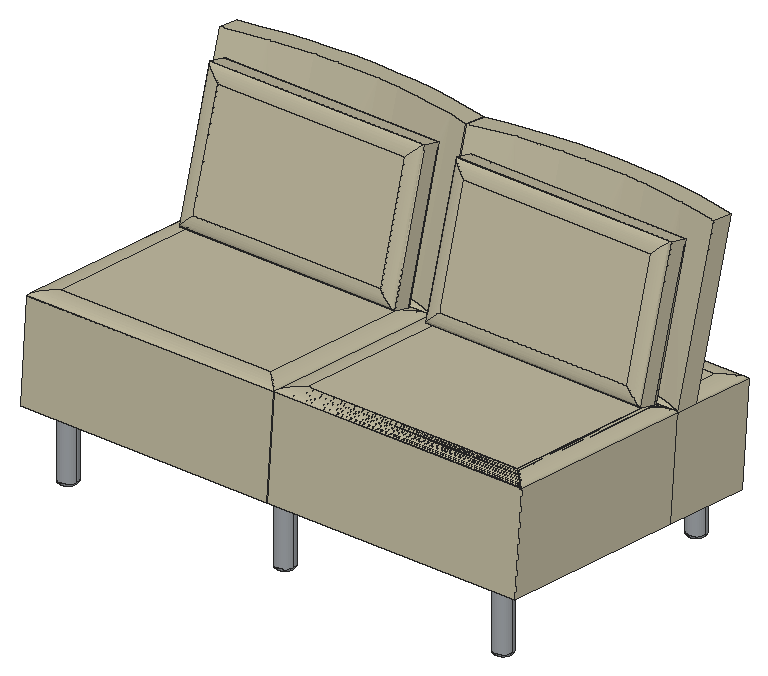
Revit family
Parameters
  URL = "http://www.martinbrattrud.com"
  SCS Certified Product = "Yes"
  Model = "Stonehenge 915-54"
  Manufacturer = "Martin Brattrud, Inc."
  Leg [instance] = none
  Keynote = "125000"
  Copyright = "© 2013 Martin Brattrud, Inc."
  Chair [instance] = none
  Back Cushion [instance] = none
  Authoring Version = "Revit Architecture 2010"
  Assembly Code = "E2020200"
Reference planes (in)
  plane 1 "Center Front/Back": y = 0
  plane 2: z = 0
  plane 3: x = 13.47209
Forms (in)
  Extrusion 1, solid, material <- "Chair"
    sketch origin (0, 0.52946, 5.84845) x (0, -0.995927, 0.090161) y (-1, 0, 0)
      loop
        line (-14.83695, -13.47209) -> (-5.2106, -13.47209) -> (-5.2106, 13.47209) -> (-14.83695, 13.47209) -> (-14.83695, -13.47209)
    from -10.4513 to -0.00014
  Extrusion 2, solid, material <- "Chair"
    sketch origin (0, 10.90822, 4.90887) x (0, 0.995927, -0.090161) y (1, 0, 0)
      loop
        line (-26.7106, 13.47209) -> (-26.7106, -13.47209) -> (-5.2106, -13.47209) -> (-5.2106, 13.47209) -> (-26.7106, 13.47209)
    from -10.4513 to 0.00024
  Sweep 3, solid, material <- "Chair"
    path in 3D
      loop
        line (13.47209, -14.7513, 17.72585) -> (13.47209, 6.66113, 15.7874) -> (-13.47209, 6.66113, 15.7874) -> (-13.47209, -14.7513, 17.72585) -> (13.47209, -14.7513, 17.72585)
    profile origin (0, -14.7513, 17.72585) x (0, 0.995927, -0.090161) y (0, 0.090161, 0.995927)
      loop
        line (2.03125, 0) -> (2.03125, 0.52839)
        spline (2.03125, 0.52839) -> (1.7702, 0.52387) -> (1.51361, 0.51039) -> (1.26588, 0.48817) -> (1.03125, 0.4576) -> (0.81373, 0.4192) -> (0.61704, 0.37363) -> (0.44454, 0.32166) -> (0.2992, 0.2642) -> (0.18349, 0.20221) -> (0.0994, 0.13676) -> (0.04836, 0.06897) -> (0.03125, 0)
        line (0.03125, 0) -> (2.03125, 0)
  Extrusion 4, solid, material <- "Chair"
    sketch origin (0, 0, 0) x (0, 1, 0) y (0, 0, 1)
      loop
        line (4.68579, 16.49677) -> (-12.68069, 18.06895) -> (-12.72833, 17.54271) -> (4.63815, 15.97053) -> (4.68579, 16.49677)
    from -11.44084 to 11.44084
  Sweep 5, solid, material <- "Chair"
    path in 3D
      loop
        line (-13.47209, 16.24828, 14.91948) -> (-13.47209, 6.66113, 15.7874) -> (13.47209, 6.66113, 15.7874) -> (13.47209, 16.24828, 14.91948) -> (-13.47209, 16.24828, 14.91948)
    profile origin (0, 16.24828, 14.91948) x (0, -0.995927, 0.090161) y (0, 0.090161, 0.995927)
      loop
        line (2.03125, 0) -> (2.03125, 0.45358)
        spline (2.03125, 0.45358) -> (1.7702, 0.4497) -> (1.51361, 0.43812) -> (1.26588, 0.41905) -> (1.03125, 0.39281) -> (0.81373, 0.35985) -> (0.61704, 0.32073) -> (0.44454, 0.27612) -> (0.2992, 0.22679) -> (0.18349, 0.17358) -> (0.0994, 0.11739) -> (0.04836, 0.0592) -> (0.03125, 0)
        line (0.03125, 0) -> (2.03125, 0)
  Extrusion 6, solid, material <- "Chair"
    sketch origin (0, 0, 0) x (0, 1, 0) y (0, 0, 1)
      loop
        line (9.98768, 30.76355) -> (8.06607, 31.31925) -> (3.89659, 16.90046) -> (5.81732, 16.34476) -> (9.98768, 30.76355)
    from -11.75 to 11.75
  Sweep 7, solid, material <- "Chair"
    path in 3D
      loop
        line (-11.75, 8.06607, 31.31925) -> (-11.75, 3.89659, 16.90046) -> (11.75, 3.89659, 16.90046) -> (11.75, 8.06607, 31.31925) -> (-11.75, 8.06607, 31.31925)
    profile origin (0, 8.06607, 31.31925) x (0, -0.277789, -0.960642) y (0, -0.960642, 0.277789)
      loop
        line (0.03125, 0) -> (1.53125, 0) -> (1.53125, 0.46962)
        spline (1.53125, 0.46962) -> (1.33546, 0.4656) -> (1.14302, 0.45362) -> (0.95722, 0.43387) -> (0.78125, 0.4067) -> (0.61811, 0.37258) -> (0.47059, 0.33207) -> (0.34122, 0.28589) -> (0.23221, 0.23481) -> (0.14543, 0.17972) -> (0.08236, 0.12155) -> (0.04408, 0.0613) -> (0.03125, 0)
  Extrusion 8, solid, material <- "Chair"
    sketch origin (0, 0, 0) x (0, 1, 0) y (0, 0, 1)
      loop
        line (7.64071, 29.84827) -> (7.18957, 29.97873) -> (3.87082, 18.5019) -> (4.32195, 18.37145) -> (7.64071, 29.84827)
    from -10.21875 to 10.21875
  Extrusion 9, solid, material <- "Back Cushion"
    sketch origin (0, 9.59309, 33.0573) x (0, -0.960379, 0.278698) y (-1, 0, 0)
      loop
        line (-4.43095, -13.47209) -> (-2.03001, -13.47209)
        spline (-2.03001, -13.47209) -> (-2.63308, -11.28001) -> (-3.12847, -9.05886) -> (-3.51491, -6.8144) -> (-3.79139, -4.55239) -> (-3.9572, -2.27868) -> (-4.01191, 0.00086) -> (-3.95539, 2.28035) -> (-3.78777, 4.55391) -> (-3.50949, 6.81568) -> (-3.12128, 9.05981) -> (-2.62412, 11.28053) -> (-2.01931, 13.47209)
        line (-2.01931, 13.47209) -> (-4.42025, 13.47209)
        spline (-4.42025, 13.47209) -> (-5.02507, 11.28053) -> (-5.52222, 9.05981) -> (-5.91044, 6.81568) -> (-6.18872, 4.55391) -> (-6.35633, 2.28035) -> (-6.41286, 0.00086) -> (-6.35814, -2.27868) -> (-6.19233, -4.55239) -> (-5.91585, -6.8144) -> (-5.52942, -9.05886) -> (-5.03403, -11.28001) -> (-4.43095, -13.47209)
    from -2.42207 to 17.57683
  Extrusion 10, void
    sketch origin (0, 0, 0) x (0, 1, 0) y (0, 0, 1)
      loop
        line (16.47346, 31.64061) -> (16.894, 34.06774) -> (11.72108, 34.96404) -> (11.30054, 32.5369) -> (16.47346, 31.64061)
      loop
        line (6.40792, 15.81305) -> (6.22512, 13.81373) -> (12.28534, 13.25965) -> (12.46814, 15.25896) -> (6.40792, 15.81305)
    from -15.22442 to 43.30902
  Extrusion 11, solid, material <- "Leg"
    sketch origin (0, 0, 0) x (1, 0, 0) y (0, 1, 0)
      loop
        circle (-10.25, -13.20254) r 1
      loop
        circle (37.30583, -13.20254) r 1
      loop
        circle (13.47209, -13.20254) r 1
    from 0.25 to 7.25
  Revolve 12, solid, material <- "Leg"
    sketch origin (-10.25, 0, 0) x (0, 1, 0) y (0, 0, 1)
      loop
        line (-12.20254, 0.25) -> (-13.20254, 0.25) -> (-13.20254, 0) -> (-12.45254, 0)
        arc (-12.45254, 0) -> (-12.27577, 0.07322) -> (-12.20254, 0.25) r 0.25
      axis (-13.20254, 0) -> (-13.20254, 0.25)
    angle from 0 to 360
  Revolve 13, solid, material <- "Leg"
    sketch origin (-10.25, 0, 0) x (0, -1, 0) y (0, 0, -1)
      loop
        arc (-12.20254, -0.25) -> (-12.27577, -0.07322) -> (-12.45254, 0) r 0.25
        line (-12.45254, 0) -> (-13.20254, 0) -> (-13.20254, -0.25) -> (-12.20254, -0.25)
      axis (-13.20254, 0) -> (-13.20254, -0.25)
    angle from 0 to 360
  Extrusion 14, solid, material <- "Leg"
    sketch origin (0, 0, 0) x (1, 0, 0) y (0, 1, 0)
      loop
        circle (-10.25, 13.20254) r 1
      loop
        circle (37.30583, 13.20254) r 1
      loop
        circle (13.47209, 13.20254) r 1
    from 0.25 to 4.90693
  Sweep 15, solid, material <- "Chair"
    path in 3D
      loop
        line (11.44084, 8.725, 16.05599) -> (11.44084, 8.68411, 15.60426)
    profile origin (11.44084, 8.70456, 15.83012) x (0, -0.995927, 0.090161) y (-1, 0, 0)
      loop
        line (0, 22.88167) -> (-5.56385, 22.88167) -> (-5.56385, 0) -> (0, 0) -> (0, 22.88167)
  Sweep 16, solid, material <- "Chair"
    path in 3D
      loop
        line (-10.21875, 7.18957, 29.97873) -> (-10.21875, 7.64071, 29.84827)
    profile origin (-10.21875, 7.41514, 29.9135) x (0, -0.277789, -0.960642) y (-1, 0, 0)
      loop
        line (0, 0) -> (0, -20.4375) -> (11.94703, -20.4375) -> (11.94703, 0) -> (0, 0)
  Sweep 17, solid, material <- "Chair"
    path in 3D
      loop
        line (-11.75, 9.98768, 30.76355) -> (-11.75, 5.81771, 16.3449) -> (11.75, 5.81771, 16.3449) -> (11.75, 9.98768, 30.76355) -> (-11.75, 9.98768, 30.76355)
    profile origin (0, 9.98768, 30.76355) x (0, 0.277821, 0.960633) y (0, 0.960633, -0.277821)
      loop
        spline (-0.03125, 0) -> (-0.04408, 0.0613) -> (-0.08236, 0.12155) -> (-0.14543, 0.17972) -> (-0.23221, 0.23481) -> (-0.34122, 0.28589) -> (-0.47059, 0.33207) -> (-0.61811, 0.37258) -> (-0.78125, 0.4067) -> (-0.95722, 0.43387) -> (-1.14302, 0.45362) -> (-1.33546, 0.4656) -> (-1.53125, 0.46962)
        line (-1.53125, 0.46962) -> (-1.53125, 0) -> (-0.03125, 0)
  Extrusion 18, solid, material <- "Chair"
    sketch origin (0, 0.0924, -0.02672) x (0, -0.845649, 0.53374) y (0, -0.53374, -0.845649)
      loop
        line (7.64071, -29.84827) -> (4.32195, -18.37145) -> (3.87082, -18.5019) -> (7.18957, -29.97873) -> (7.64071, -29.84827)
    from -10.21875 to 10.21875
  Sweep 19, solid, material <- "Chair"
    path in 3D
      loop
        line (-10.21875, 9.56227, 29.29258) -> (-10.21875, 10.0134, 29.16211)
    profile origin (-10.21875, 9.78783, 29.22734) x (0, -0.277821, -0.960633) y (-1, 0, 0)
      loop
        line (0, 0) -> (0, -20.4375) -> (11.94703, -20.4375) -> (11.94703, 0) -> (0, 0)
  Extrusion 20, solid, material <- "Back Cushion"
    sketch origin (26.94417, 9.59309, 33.0573) x (0, -0.960379, 0.278698) y (-1, 0, 0)
      loop
        line (-4.39712, -13.58374) -> (-1.99617, -13.58374)
        spline (-1.99617, -13.58374) -> (-2.6071, -11.38386) -> (-3.1095, -9.15441) -> (-3.50206, -6.90118) -> (-3.78375, -4.63004) -> (-3.95384, -2.34689) -> (-4.0119, -0.05768) -> (-3.95776, 2.23163) -> (-3.79157, 4.51509) -> (-3.51376, 6.78675) -> (-3.12506, 9.0407) -> (-2.62648, 11.27108) -> (-2.01931, 13.47209)
        line (-2.01931, 13.47209) -> (-4.42025, 13.47209)
        spline (-4.42025, 13.47209) -> (-5.02742, 11.27108) -> (-5.52601, 9.0407) -> (-5.91471, 6.78675) -> (-6.19252, 4.51509) -> (-6.35871, 2.23163) -> (-6.41284, -0.05768) -> (-6.35479, -2.34689) -> (-6.1847, -4.63004) -> (-5.90301, -6.90118) -> (-5.51045, -9.15441) -> (-5.00805, -11.38386) -> (-4.39712, -13.58374)
    from -2.42207 to 17.57683
  Extrusion 21, solid, material <- "Chair"
    sketch origin (26.94417, 10.90822, 4.90887) x (0, 0.995927, -0.090161) y (1, 0, 0)
      loop
        line (-26.7106, 13.58374) -> (-26.7106, -13.47209) -> (-5.2106, -13.47209) -> (-5.2106, 13.58374) -> (-26.7106, 13.58374)
    from -10.4513 to 0.00024
  Extrusion 22, solid, material <- "Chair"
    sketch origin (26.94417, 0.52946, 5.84845) x (0, -0.995927, 0.090161) y (-1, 0, 0)
      loop
        line (-14.83695, -13.58374) -> (-5.2106, -13.58374) -> (-5.2106, 13.47209) -> (-14.83695, 13.47209) -> (-14.83695, -13.58374)
    from -10.4513 to -0.00014
  Sweep 23, solid, material <- "Chair"
    path in 3D
      loop
        line (40.52791, -14.7513, 17.72585) -> (40.52791, 6.66113, 15.7874) -> (13.47209, 6.66113, 15.7874) -> (13.47209, -14.7513, 17.72585) -> (40.52791, -14.7513, 17.72585)
    profile origin (27, -14.7513, 17.72585) x (0, 0.995927, -0.090161) y (0, 0.090161, 0.995927)
      loop
        line (2.03125, 0) -> (2.03125, 0.52839)
        spline (2.03125, 0.52839) -> (1.7702, 0.52387) -> (1.51361, 0.51039) -> (1.26588, 0.48817) -> (1.03125, 0.4576) -> (0.81373, 0.4192) -> (0.61704, 0.37363) -> (0.44454, 0.32166) -> (0.2992, 0.2642) -> (0.18349, 0.20221) -> (0.0994, 0.13676) -> (0.04836, 0.06897) -> (0.03125, 0)
        line (0.03125, 0) -> (2.03125, 0)
  Extrusion 24, solid, material <- "Chair"
    sketch origin (26.94417, 0, 0) x (0, 1, 0) y (0, 0, 1)
      loop
        line (4.68579, 16.49677) -> (-12.68069, 18.06895) -> (-12.72833, 17.54271) -> (4.63815, 15.97053) -> (4.68579, 16.49677)
    from -11.44084 to 11.55249
  Sweep 25, solid, material <- "Chair"
    path in 3D
      loop
        line (13.47209, 16.24828, 14.91948) -> (13.47209, 6.66113, 15.7874) -> (40.52807, 6.66113, 15.7874) -> (40.52807, 16.24828, 14.91948) -> (13.47209, 16.24828, 14.91948)
    profile origin (27.00008, 16.24828, 14.91948) x (0, -0.995927, 0.090161) y (0, 0.090161, 0.995927)
      loop
        line (2.03125, 0) -> (2.03125, 0.45358)
        spline (2.03125, 0.45358) -> (1.7702, 0.4497) -> (1.51361, 0.43812) -> (1.26588, 0.41905) -> (1.03125, 0.39281) -> (0.81373, 0.35985) -> (0.61704, 0.32073) -> (0.44454, 0.27612) -> (0.2992, 0.22679) -> (0.18349, 0.17358) -> (0.0994, 0.11739) -> (0.04836, 0.0592) -> (0.03125, 0)
        line (0.03125, 0) -> (2.03125, 0)
  Sweep 26, solid, material <- "Chair"
    path in 3D
      loop
        line (38.49682, 8.725, 16.05599) -> (38.49682, 8.68411, 15.60426)
    profile origin (38.49682, 8.70456, 15.83012) x (0, -0.995927, 0.090161) y (-1, 0, 0)
      loop
        line (0, 22.99348) -> (-5.56385, 22.99348) -> (-5.56385, 0) -> (0, 0) -> (0, 22.99348)
  Sweep 27, solid, material <- "Chair"
    path in 3D
      loop
        line (40.41626, -14.7513, 17.72585) -> (40.41626, 6.66113, 15.7874) -> (13.47209, 6.66113, 15.7874) -> (13.47209, -14.7513, 17.72585) -> (40.41626, -14.7513, 17.72585)
    profile origin (26.94417, -14.7513, 17.72585) x (0, 0.995927, -0.090161) y (0, 0.090161, 0.995927)
      loop
        line (2.03125, 0) -> (2.03125, 0.52839)
        spline (2.03125, 0.52839) -> (1.7702, 0.52387) -> (1.51361, 0.51039) -> (1.26588, 0.48817) -> (1.03125, 0.4576) -> (0.81373, 0.4192) -> (0.61704, 0.37363) -> (0.44454, 0.32166) -> (0.2992, 0.2642) -> (0.18349, 0.20221) -> (0.0994, 0.13676) -> (0.04836, 0.06897) -> (0.03125, 0)
        line (0.03125, 0) -> (2.03125, 0)
  Extrusion 28, solid, material <- "Chair"
    sketch origin (26.94417, 0, 0) x (0, 1, 0) y (0, 0, 1)
      loop
        line (4.68579, 16.49677) -> (-12.68069, 18.06895) -> (-12.72833, 17.54271) -> (4.63815, 15.97053) -> (4.68579, 16.49677)
    from -11.44084 to 11.44084
  Extrusion 29, solid, material <- "Chair"
    sketch origin (26.94417, 0, 0) x (0, 1, 0) y (0, 0, 1)
      loop
        line (9.98768, 30.76355) -> (8.06607, 31.31925) -> (3.89659, 16.90046) -> (5.81732, 16.34476) -> (9.98768, 30.76355)
    from -11.75 to 11.75
  Sweep 30, solid, material <- "Chair"
    path in 3D
      loop
        line (15.19417, 8.06607, 31.31925) -> (15.19417, 3.89659, 16.90046) -> (38.69417, 3.89659, 16.90046) -> (38.69417, 8.06607, 31.31925) -> (15.19417, 8.06607, 31.31925)
    profile origin (26.94417, 8.06607, 31.31925) x (0, -0.277789, -0.960642) y (0, -0.960642, 0.277789)
      loop
        line (0.03125, 0) -> (1.53125, 0) -> (1.53125, 0.46962)
        spline (1.53125, 0.46962) -> (1.33546, 0.4656) -> (1.14302, 0.45362) -> (0.95722, 0.43387) -> (0.78125, 0.4067) -> (0.61811, 0.37258) -> (0.47059, 0.33207) -> (0.34122, 0.28589) -> (0.23221, 0.23481) -> (0.14543, 0.17972) -> (0.08236, 0.12155) -> (0.04408, 0.0613) -> (0.03125, 0)
  Extrusion 31, solid, material <- "Chair"
    sketch origin (26.94417, 0, 0) x (0, 1, 0) y (0, 0, 1)
      loop
        line (7.64071, 29.84827) -> (7.18957, 29.97873) -> (3.87082, 18.5019) -> (4.32195, 18.37145) -> (7.64071, 29.84827)
    from -10.21875 to 10.21875
  Extrusion 32, solid, material <- "Back Cushion"
    sketch origin (26.94417, 9.59309, 33.0573) x (0, -0.960379, 0.278698) y (-1, 0, 0)
      loop
        line (-4.39712, -13.58374) -> (-1.99617, -13.58374)
        spline (-1.99617, -13.58374) -> (-2.6071, -11.38386) -> (-3.1095, -9.15441) -> (-3.50206, -6.90118) -> (-3.78375, -4.63004) -> (-3.95384, -2.34689) -> (-4.0119, -0.05768) -> (-3.95776, 2.23163) -> (-3.79157, 4.51509) -> (-3.51376, 6.78675) -> (-3.12506, 9.0407) -> (-2.62648, 11.27108) -> (-2.01931, 13.47209)
        line (-2.01931, 13.47209) -> (-4.42025, 13.47209)
        spline (-4.42025, 13.47209) -> (-5.02742, 11.27108) -> (-5.52601, 9.0407) -> (-5.91471, 6.78675) -> (-6.19252, 4.51509) -> (-6.35871, 2.23163) -> (-6.41284, -0.05768) -> (-6.35479, -2.34689) -> (-6.1847, -4.63004) -> (-5.90301, -6.90118) -> (-5.51045, -9.15441) -> (-5.00805, -11.38386) -> (-4.39712, -13.58374)
    from -2.42207 to 17.57683
  Sweep 33, solid, material <- "Chair"
    path in 3D
      loop
        line (15.19417, 9.98768, 30.76355) -> (15.19417, 5.81771, 16.3449) -> (38.69417, 5.81771, 16.3449) -> (38.69417, 9.98768, 30.76355) -> (15.19417, 9.98768, 30.76355)
    profile origin (26.94417, 9.98768, 30.76355) x (0, 0.277821, 0.960633) y (0, 0.960633, -0.277821)
      loop
        spline (-0.03125, 0) -> (-0.04408, 0.0613) -> (-0.08236, 0.12155) -> (-0.14543, 0.17972) -> (-0.23221, 0.23481) -> (-0.34122, 0.28589) -> (-0.47059, 0.33207) -> (-0.61811, 0.37258) -> (-0.78125, 0.4067) -> (-0.95722, 0.43387) -> (-1.14302, 0.45362) -> (-1.33546, 0.4656) -> (-1.53125, 0.46962)
        line (-1.53125, 0.46962) -> (-1.53125, 0) -> (-0.03125, 0)
  Extrusion 34, solid, material <- "Chair"
    sketch origin (26.94417, 0.0924, -0.02672) x (0, -0.845649, 0.53374) y (0, -0.53374, -0.845649)
      loop
        line (7.64071, -29.84827) -> (4.32195, -18.37145) -> (3.87082, -18.5019) -> (7.18957, -29.97873) -> (7.64071, -29.84827)
    from -10.21875 to 10.21875
  Sweep 35, solid, material <- "Chair"
    path in 3D
      loop
        line (16.72542, 9.56227, 29.29258) -> (16.72542, 10.0134, 29.16211)
    profile origin (16.72542, 9.78783, 29.22734) x (0, -0.277821, -0.960633) y (-1, 0, 0)
      loop
        line (0, 0) -> (0, -20.4375) -> (11.94703, -20.4375) -> (11.94703, 0) -> (0, 0)
  Revolve 36, solid, material <- "Leg"
    sketch origin (13.47209, 0, 0) x (0, 1, 0) y (0, 0, 1)
      loop
        line (-12.20254, 0.25) -> (-13.20254, 0.25) -> (-13.20254, 0) -> (-12.45254, 0)
        arc (-12.45254, 0) -> (-12.27577, 0.07322) -> (-12.20254, 0.25) r 0.25
      axis (-13.20254, 0) -> (-13.20254, 0.25)
    angle from 0 to 360
  Revolve 37, solid, material <- "Leg"
    sketch origin (13.47209, 0, 0) x (0, -1, 0) y (0, 0, -1)
      loop
        arc (-12.20254, -0.25) -> (-12.27577, -0.07322) -> (-12.45254, 0) r 0.25
        line (-12.45254, 0) -> (-13.20254, 0) -> (-13.20254, -0.25) -> (-12.20254, -0.25)
      axis (-13.20254, 0) -> (-13.20254, -0.25)
    angle from 0 to 360
  Revolve 38, solid, material <- "Leg"
    sketch origin (37.30583, 0, 0) x (0, 1, 0) y (0, 0, 1)
      loop
        line (-12.20254, 0.25) -> (-13.20254, 0.25) -> (-13.20254, 0) -> (-12.45254, 0)
        arc (-12.45254, 0) -> (-12.27577, 0.07322) -> (-12.20254, 0.25) r 0.25
      axis (-13.20254, 0) -> (-13.20254, 0.25)
    angle from 0 to 360
  Revolve 39, solid, material <- "Leg"
    sketch origin (37.30583, 0, 0) x (0, -1, 0) y (0, 0, -1)
      loop
        arc (-12.20254, -0.25) -> (-12.27577, -0.07322) -> (-12.45254, 0) r 0.25
        line (-12.45254, 0) -> (-13.20254, 0) -> (-13.20254, -0.25) -> (-12.20254, -0.25)
      axis (-13.20254, 0) -> (-13.20254, -0.25)
    angle from 0 to 360
Cuts and joins
  Extrusion 10 cuts Extrusion 9
  joined: Sweep 7, Extrusion 8, Sweep 16
  joined: Sweep 17, Extrusion 18, Sweep 19
  joined: Sweep 5, Sweep 15
  Extrusion 10 cuts Extrusion 20
  joined: Sweep 3, Extrusion 4
  joined: Sweep 23, Extrusion 24
  joined: Sweep 25, Sweep 26
  Extrusion 10 cuts Extrusion 32
  joined: Sweep 27, Extrusion 28
  joined: Sweep 30, Extrusion 31
Lines and regions (in)
  sketch lines
    curve 1: line (-13.47209, -14.7513, 17.72585) -> (13.47209, -14.7513, 17.72585)
    curve 2: line (-13.47209, 6.66113, 15.7874) -> (-13.47209, -14.7513, 17.72585)
    curve 3: line (13.47209, 6.66113, 15.7874) -> (-13.47209, 6.66113, 15.7874)
    curve 4: line (13.47209, -14.7513, 17.72585) -> (13.47209, 6.66113, 15.7874)
    curve 5: line (11.75, 8.06607, 31.31925) -> (-11.75, 8.06607, 31.31925)
    curve 6: line (-11.75, 3.89659, 16.90046) -> (-11.75, 8.06607, 31.31925)
    curve 7: line (11.75, 3.89659, 16.90046) -> (-11.75, 3.89659, 16.90046)
    curve 8: line (11.75, 8.06607, 31.31925) -> (11.75, 3.89659, 16.90046)
    curve 9: line (13.47209, 16.24828, 14.91948) -> (-13.47209, 16.24828, 14.91948)
    curve 10: line (13.47209, 6.66113, 15.7874) -> (13.47209, 16.24828, 14.91948)
    curve 11: line (-13.47209, 6.66113, 15.7874) -> (13.47209, 6.66113, 15.7874)
    curve 12: line (-13.47209, 16.24828, 14.91948) -> (-13.47209, 6.66113, 15.7874)
    curve 13: line (-10.21875, 7.18957, 29.97873) -> (-10.21875, 7.64071, 29.84827)
    curve 14: line (11.75, 9.98768, 30.76355) -> (-11.75, 9.98768, 30.76355)
    curve 15: line (-11.75, 5.81771, 16.3449) -> (-11.75, 9.98768, 30.76355)
    curve 16: line (11.75, 5.81771, 16.3449) -> (-11.75, 5.81771, 16.3449)
    curve 17: line (11.75, 9.98768, 30.76355) -> (11.75, 5.81771, 16.3449)
    curve 18: line (-10.21875, 9.56227, 29.29258) -> (-10.21875, 10.0134, 29.16211)
    curve 19: line (11.44084, 8.725, 16.05599) -> (11.44084, 8.68411, 15.60426)
    curve 20: line (13.47209, -14.7513, 17.72585) -> (40.52791, -14.7513, 17.72585)
    curve 21: line (13.47209, 6.66113, 15.7874) -> (13.47209, -14.7513, 17.72585)
    curve 22: line (40.52791, 6.66113, 15.7874) -> (13.47209, 6.66113, 15.7874)
    curve 23: line (40.52791, -14.7513, 17.72585) -> (40.52791, 6.66113, 15.7874)
    curve 24: line (40.52807, 16.24828, 14.91948) -> (13.47209, 16.24828, 14.91948)
    curve 25: line (40.52807, 6.66113, 15.7874) -> (40.52807, 16.24828, 14.91948)
    curve 26: line (13.47209, 6.66113, 15.7874) -> (40.52807, 6.66113, 15.7874)
    curve 27: line (13.47209, 16.24828, 14.91948) -> (13.47209, 6.66113, 15.7874)
    curve 28: line (38.49682, 8.725, 16.05599) -> (38.49682, 8.68411, 15.60426)
    curve 29: line (13.47209, -14.7513, 17.72585) -> (40.41626, -14.7513, 17.72585)
    curve 30: line (13.47209, 6.66113, 15.7874) -> (13.47209, -14.7513, 17.72585)
    curve 31: line (40.41626, 6.66113, 15.7874) -> (13.47209, 6.66113, 15.7874)
    curve 32: line (40.41626, -14.7513, 17.72585) -> (40.41626, 6.66113, 15.7874)
    curve 33: line (38.69417, 8.06607, 31.31925) -> (15.19417, 8.06607, 31.31925)
    curve 34: line (15.19417, 3.89659, 16.90046) -> (15.19417, 8.06607, 31.31925)
    curve 35: line (38.69417, 3.89659, 16.90046) -> (15.19417, 3.89659, 16.90046)
    curve 36: line (38.69417, 8.06607, 31.31925) -> (38.69417, 3.89659, 16.90046)
    curve 37: line (38.69417, 9.98768, 30.76355) -> (15.19417, 9.98768, 30.76355)
    curve 38: line (15.19417, 5.81771, 16.3449) -> (15.19417, 9.98768, 30.76355)
    curve 39: line (38.69417, 5.81771, 16.3449) -> (15.19417, 5.81771, 16.3449)
    curve 40: line (38.69417, 9.98768, 30.76355) -> (38.69417, 5.81771, 16.3449)
    curve 41: line (16.72542, 9.56227, 29.29258) -> (16.72542, 10.0134, 29.16211)
